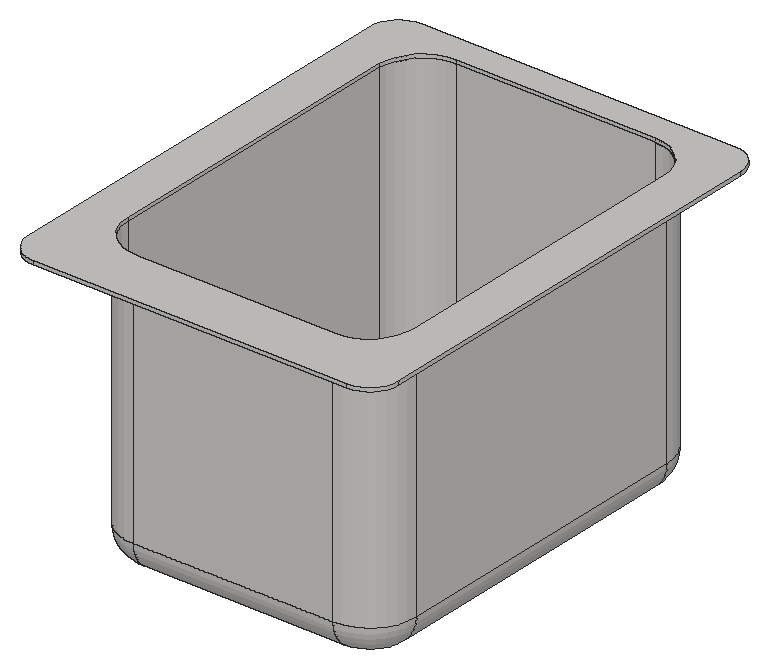
Revit family "QF_Vollrath_101-1-1", category Specialty Equipment, Revit 2016
Family settings
  Part Type = Normal
  Round Connector Dimension = Use Diameter
  OmniClass Number = 23.40.40.14.31
  OmniClass Title = Cleaning and Disposal Equipment
  Work Plane-Based = Yes
  Always vertical = Yes
  Cut with Voids When Loaded = No
  Shared = No
  Room Calculation Point = No
Parameters
  Width = 1' - 1"
  Weight in Pounds = 0
  Watermarked By = "http://revitwatermark.com"
  URL Cutsheet = ""
  Status [instance] = ""
  Specification by User [instance] = ""
  Specification by Manufacturer [instance] = ""
  Sink Width = 0' - 10"
  Sink Depth = 1' - 2"
  Sink Basin Depth = 0' - 10"
  Serial Number [instance] = ""
  Seismic Rating [instance] = ""
  SMACNA No [instance] = ""
  Revision Code [instance] = ""
  NAFEM Spec ID Number [instance] = ""
  Model = "101-1-1"
  Masterspec [instance] = ""
  Manufacturer = "Vollrath"
  Item Number [instance] = "-"
  Installed By [instance] = ""
  Indirect Waste Size = 2"
  Indirect Waste Flow [instance] = 0.00 GPM
  Indirect Waste Connection Type [instance] = ""
  Indirect Waste Connection Height [instance] = 0' - 0"
  Furnished By [instance] = ""
  Foodservice Equipment Identifier [instance] = yes
  Description = "Bar Sink"  # constant formula
  Depth = 1' - 5"
  Default Elevation = 4' - 0"
  CSI MasterFormat = ""
Reference planes (in)
  plane 1 "BACK": y = 0
  plane 2 "BOTTOM": z = 0
  plane 3 "LEFT": x = 0
  plane 4 "RIGHT": x = 13
  plane 5 "FRONT": y = -17
  plane 6: x = 6.5
  plane 7: y = -8
  plane 8: y = -1
  plane 9: y = -15
  plane 10: x = 1.5
  plane 11: x = 11.5
  plane 12 "Sink Bottom": z = -10
Forms (in)
  Sweep 1, solid, material "QF_Finishes_Stainless Steel"
    path origin (0, 0, 0) x (1, 0, 0) y (0, 1, 0)
      loop
        arc (3, -1) -> (1.93934, -1.43934) -> (1.5, -2.5) r 1.5
        line (1.5, -2.5) -> (1.5, -13.5)
        arc (1.5, -13.5) -> (1.93934, -14.56066) -> (3, -15) r 1.5
        line (3, -15) -> (10, -15)
        arc (10, -15) -> (11.06066, -14.56066) -> (11.5, -13.5) r 1.5
        line (11.5, -13.5) -> (11.5, -2.5)
        arc (11.5, -2.5) -> (11.06066, -1.43934) -> (10, -1) r 1.5
        line (10, -1) -> (3, -1)
    profile origin (6.5, -1, 0) x (0, 1, 0) y (0, 0, 1)
      loop
        line (0, 0) -> (0, -8.875)
        arc (0, -8.875) -> (-0.29289, -9.58211) -> (-1, -9.875) r 1
        line (-1, -9.875) -> (-1, -10)
        arc (-1, -10) -> (-0.2045, -9.6705) -> (0.125, -8.875) r 1.125
        line (0.125, -8.875) -> (0.125, 0) -> (0, 0)
  Extrusion 2, solid, material "QF_Finishes_Stainless Steel"
    sketch origin (0, 0, 0) x (1, 0, 0) y (0, 1, 0)
      loop
        arc (1.5, -13.5) -> (1.93934, -14.56066) -> (3, -15) r 1.5
        line (3, -15) -> (10, -15)
        arc (10, -15) -> (11.06066, -14.56066) -> (11.5, -13.5) r 1.5
        line (11.5, -13.5) -> (11.5, -2.5)
        arc (11.5, -2.5) -> (11.06066, -1.43934) -> (10, -1) r 1.5
        line (10, -1) -> (3, -1)
        arc (3, -1) -> (1.93934, -1.43934) -> (1.5, -2.5) r 1.5
        line (1.5, -2.5) -> (1.5, -13.5)
      loop
        line (1, -17) -> (12, -17)
        arc (12, -17) -> (12.70711, -16.70711) -> (13, -16) r 1
        line (13, -16) -> (13, -1)
        arc (13, -1) -> (12.70711, -0.29289) -> (12, 0) r 1
        line (12, 0) -> (1, 0)
        arc (1, 0) -> (0.29289, -0.29289) -> (0, -1) r 1
        line (0, -1) -> (0, -16)
        arc (0, -16) -> (0.29289, -16.70711) -> (1, -17) r 1
    from 0 to 0.125
  Extrusion 3, solid, material "QF_Finishes_Stainless Steel"
    sketch origin (0, 0, -10) x (-1, 0, 0) y (0, -1, 0)
      loop
        line (-10, 2) -> (-3, 2)
        arc (-3, 2) -> (-2.64645, 2.14645) -> (-2.5, 2.5) r 0.5
        line (-2.5, 2.5) -> (-2.5, 13.5)
        arc (-2.5, 13.5) -> (-2.64645, 13.85355) -> (-3, 14) r 0.5
        line (-3, 14) -> (-10, 14)
        arc (-10, 14) -> (-10.35355, 13.85355) -> (-10.5, 13.5) r 0.5
        line (-10.5, 13.5) -> (-10.5, 2.5)
        arc (-10.5, 2.5) -> (-10.35355, 2.14645) -> (-10, 2) r 0.5
      loop
        circle (-6.5, 8) r 1.75
    from 0 to 0.125
Lines and regions (in)
  symbolic lines
    curve 1: line (1, 0, -10) -> (12, 0, -10)
    curve 2: arc (1, 0, -10) -> (0.29289, -0.29289, -10) -> (0, -1, -10) r 1
    curve 3: line (0, -16, -10) -> (0, -1, -10)
    curve 4: arc (0, -16, -10) -> (0.29289, -16.70711, -10) -> (1, -17, -10) r 1
    curve 5: line (12, -17, -10) -> (1, -17, -10)
    curve 6: arc (12, -17, -10) -> (12.70711, -16.70711, -10) -> (13, -16, -10) r 1
    curve 7: line (13, -1, -10) -> (13, -16, -10)
    curve 8: arc (13, -1, -10) -> (12.70711, -0.29289, -10) -> (12, 0, -10) r 1
  symbolic lines, style "QF_Surface Details"
    curve 9: line (10, -1, -10) -> (3, -1, -10)
    curve 10: arc (1.5, -2.5, -10) -> (1.93934, -1.43934, -10) -> (3, -1, -10) r 1.5
    curve 11: line (1.5, -2.5, -10) -> (1.5, -13.5, -10)
    curve 12: arc (3, -15, -10) -> (1.93934, -14.56066, -10) -> (1.5, -13.5, -10) r 1.5
    curve 13: line (3, -15, -10) -> (10, -15, -10)
    curve 14: arc (11.5, -13.5, -10) -> (11.06066, -14.56066, -10) -> (10, -15, -10) r 1.5
    curve 15: line (11.5, -13.5, -10) -> (11.5, -2.5, -10)
    curve 16: arc (10, -1, -10) -> (11.06066, -1.43934, -10) -> (11.5, -2.5, -10) r 1.5
    curve 17: circle (6.5, -8, -10) r 1.75 normal (0, 0, -1)
Dimensions and locks (in)
  "Width": plane 3 "LEFT" to plane 4 "RIGHT"
  "Depth": plane 5 "FRONT" to plane 1 "BACK"
  "Sink Depth": plane 8 to plane 9
  equal spacing: plane 3 "LEFT", plane 6, plane 4 "RIGHT"
  equal spacing: plane 10, plane 6, plane 11
  "Sink Width": plane 10 to plane 11
  "Sink Basin Depth": level to plane 12 "Sink Bottom"
  level to Sweep 1 sketch curve = 0' - 0"
  locked: Sweep 1 sketch curve to plane 8 at 0.125
  locked: plane 12 "Sink Bottom" to Sweep 1 sketch curve at 0.125
  equal spacing: plane 8, plane 7, plane 9
  plane 1 "BACK" to plane 8 = 0' - 1"
  plane 9 to plane 5 "FRONT" = 0' - 2"
  plane 3 "LEFT" to plane 10 = 0' - 1 1/2"
  plane 11 to plane 4 "RIGHT" = 0' - 1 1/2"
  aligned and locked: level to plane 2 "BOTTOM"
  aligned and locked: Sweep 1 sketch curve to plane 8
  aligned and locked: plane 10 to Sweep 1 sketch curve
  aligned and locked: plane 9 to Sweep 1 sketch curve
  aligned and locked: Sweep 1 sketch curve to plane 11
  aligned and locked: plane 8 to Sweep 1 sketch curve
  aligned and locked: plane 12 "Sink Bottom" to Sweep 1 sketch curve
  aligned and locked: Extrusion 2 sketch curve to Sweep 1  (x4)
  aligned and locked: Extrusion 2 sketch curve to plane 3 "LEFT"
  aligned and locked: plane 5 "FRONT" to Extrusion 2 sketch curve
  aligned and locked: plane 4 "RIGHT" to Extrusion 2 sketch curve
  aligned and locked: Extrusion 2 sketch curve to plane 1 "BACK"
  aligned and locked: Extrusion 3 sketch curve to Sweep 1  (x4)
Automatic sketch dimensions
  plane 10 to Sweep 1 sketch curve = 0' - 1 1/2"  (x2)
  Sweep 1 sketch curve to plane 11 = 0' - 1 1/2"
  Sweep 1 sketch curve to plane 8 = 0' - 1 1/2"
  Sweep 1 sketch curve to Sweep 1 sketch curve = 0' - 1"
  Extrusion 3 sketch curve to plane 6 = 0' - 0"
  Extrusion 3 sketch curve to plane 7 = 0' - 0"
  Extrusion 3 sketch curve to Extrusion 3 sketch curve = 0' - 0 1/2"  (x4)
  Extrusion 2 sketch curve to plane 8 = 0' - 0"  (x2)
  Extrusion 2 sketch curve to plane 10 = 0' - 0 1/2"
  plane 10 to Extrusion 2 sketch curve = 0' - 1 1/2"
  Extrusion 2 sketch curve to plane 8 = 0' - 1 1/2"
  Extrusion 2 sketch curve to plane 11 = 0' - 1 1/2"
  Extrusion 2 sketch curve to Extrusion 2 sketch curve = 0' - 1 1/2"
  plane 11 to Extrusion 2 sketch curve = 0' - 0 1/2"
  curve 7 to plane 4 "RIGHT" = 0' - 0"
  curve 8 to plane 8 = 0' - 0"
  plane 1 "BACK" to curve 1 = 0' - 0"
  plane 5 "FRONT" to curve 5 = 0' - 0"
  curve 15 to plane 11 = 0' - 0"
  curve 16 to plane 8 = 0' - 0"
  curve 13 to plane 9 = 0' - 0"
  curve 17 to plane 6 = 0' - 0"
  curve 10 to plane 10 = 0' - 0"
  curve 2 to plane 8 = 0' - 0"
  curve 3 to plane 3 "LEFT" = 0' - 0"
  curve 17 to plane 7 = 0' - 0"
  plane 11 to curve 5 = 0' - 0 1/2"
  plane 9 to curve 14 = 0' - 1 1/2"
  curve 16 to plane 8 = 0' - 1 1/2"
  plane 10 to curve 9 = 0' - 1 1/2"
  plane 10 to curve 12 = 0' - 1 1/2"
  curve 5 to plane 10 = 0' - 0 1/2"
  radius of Extrusion 3 sketch curve = 0' - 1 3/4"
  radius of curve 17 = 0' - 1 3/4"
Connectors (in)
  piping at (6.5, -8, -10), diameter 2, driven by "Indirect Waste Flow"
    settings: on Extrusion 3, index 1, connector inside diameter 2", connector length 0' - 0", flow factor 0, pipe flow 0.00 GPM, pressure drop 0.00 psi, fitting loss kfactor 0, connector angle 0.00°, fixture units 0, engagement length 0' - 0", angle of deflection 0.00°, flow configuration 1, flow direction 2, fitting loss method 0, system type 16, joint type 0, gender type 0, connector reference index -1, connector utility 0, adjustable connector no, is connector primary yes, connector description "IW"
